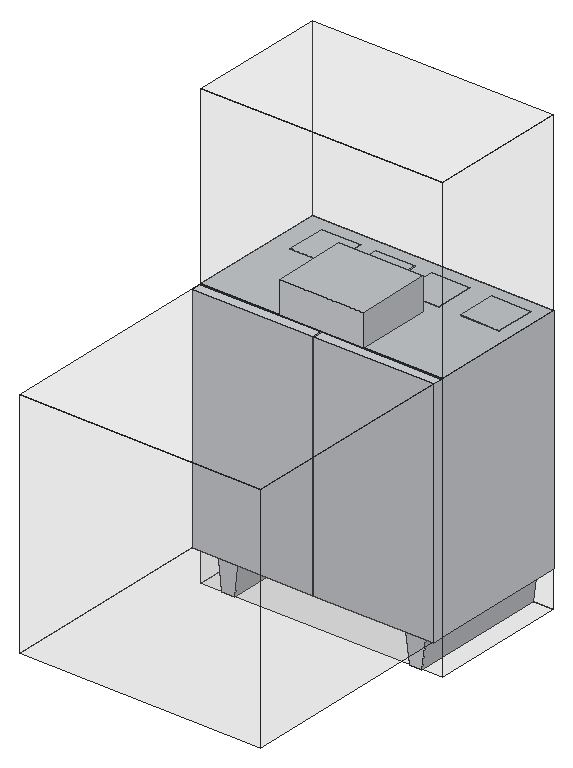
Revit family "AHU 1 _1", category Mechanické zařízení, Revit 2018
Family settings
  Kóta kulaté spojky = Použít průměr
  Typ dílu = Normální
  Číslo OmniClass = 23.75.00.00
  Nadpis OmniClass = Climate Control (HVAC)
  Založené na pracovní rovině = Ne
  Vždy vertikální = Ano
  Ořezat dutým tvarem při načtení = Ne
  Sdílené = Ne
  Bod výpočtu místnosti = Ne
Parameters (values of type "DUPLEXVENT Flexi-V DV500-V (RD5)")
  Width [instance] = 0.615 mm
  Weight [instance] = 147.00 kg
  URL = ""
  Type [instance] = "DUPLEXVENT Flexi-V DV500-V (RD5)"
  Total_SFP [instance] = 0
  Supply_outlet_hum [instance] = 90
  Supply_inlet_hum [instance] = 90
  Supply_ext_pressure [instance] = 0.0 Pa
  Supply_SFP [instance] = 0
  Source_adu_file [instance] = ""
  Recuperation_type [instance] = "Plate heat recovery exchanger"
  Recuperation_efficiency_EN308 [instance] = 0
  Project_name [instance] = ""
  Project_date [instance] = "9.3.2022"
  Power_supply_fusing [instance] = "0"
  Power_supply_cable [instance] = "0"
  Position [instance] = "AHU 1 "
  Phases_count [instance] = 1
  Panel_thickness [instance] = 0.06 mm
  Outer_surface [instance] = "RAL 9002"
  Length [instance] = 0.99 mm
  Insulation_type [instance] = "PUR"
  Insulation_thickness [instance] = 0.05 mm
  Installation_environment [instance] = ""
  Input_power_max [instance] = 340 W
  Inner_surface [instance] = "Pozink"
  I2 [instance] = I1  # 0.0 L/s
  Height [instance] = 0.95 mm
  Exhaust_outlet_hum [instance] = 0
  Exhaust_inlet_hum [instance] = 40
  Exhaust_ext_pressure [instance] = 0.0 Pa
  Exhaust_SFP [instance] = 0
  E1 [instance] = E2 - M1  # 0.0 L/s
  E2 [instance] = 0.0 L/s
  I1 [instance] = 0.0 L/s
  Description = ""
  M1 [instance] = 0.0 L/s
  Device_dutypoint_version [instance] = "1"
  Device_design_version [instance] = "9"
  Device_adu_id [instance] = "1"
  Current_max [instance] = 2.8 A
  Casing_mat [instance] = "painted zinc layer"
  Cable type [instance] = "CYKY 3Jx1,5"
Reference planes
  plane 1 "Střed (vpředu/vzadu)": y = 0
  plane 2 "ref": z = 0
  plane 3 "Střed (vlevo/vpravo)": x = 0
Forms (mm)
  Sweep 1, solid
    path origin (0, 0, 0) x (0, 0, 1) y (1, 0, 0)
      loop
        line (0, 0) -> (950, 0)
    profile origin (0, 0, 0) x (1, 0, 0) y (0, 1, 0)
      loop
        line (0, 0) -> (990, 0) -> (990, 570) -> (0, 570) -> (0, 0)
  Sweep 2, solid
    path origin (382, 440, 949) x (0, 0, 1) y (1, 0, 0)
      loop
        line (0, 0) -> (1, 0)
    profile origin (382, 440, 949) x (1, 0, 0) y (0, 1, 0)
      loop
        line (-80, -80) -> (80, -80) -> (80, 80) -> (-80, 80) -> (-80, -80)
  Sweep 3, solid
    path origin (855, 440, 949) x (0, 0, 1) y (1, 0, 0)
      loop
        line (0, 0) -> (1, 0)
    profile origin (855, 440, 949) x (1, 0, 0) y (0, 1, 0)
      loop
        line (-80, -80) -> (80, -80) -> (80, 80) -> (-80, 80) -> (-80, -80)
  Sweep 4, solid
    path origin (608, 440, 949) x (0, 0, 1) y (1, 0, 0)
      loop
        line (0, 0) -> (1, 0)
    profile origin (608, 440, 949) x (1, 0, 0) y (0, 1, 0)
      loop
        line (-80, -80) -> (80, -80) -> (80, 80) -> (-80, 80) -> (-80, -80)
  Sweep 5, solid
    path origin (157, 440, 949) x (0, 0, 1) y (1, 0, 0)
      loop
        line (0, 0) -> (1, 0)
    profile origin (157, 440, 949) x (1, 0, 0) y (0, 1, 0)
      loop
        line (-80, -80) -> (80, -80) -> (80, 80) -> (-80, 80) -> (-80, -80)
  Sweep 6, solid
    path origin (263, 52, 0) x (0, -1, 0) y (0, 0, 1)
      loop
        line (0, 0) -> (0, -30)
    profile origin (263, 52, 0) x (-1, 0, 0) y (0, -1, 0)
      loop
        circle (0, 0) r 16
  Sweep 7, solid
    path origin (727, 52, 0) x (0, -1, 0) y (0, 0, 1)
      loop
        line (0, 0) -> (0, -30)
    profile origin (727, 52, 0) x (-1, 0, 0) y (0, -1, 0)
      loop
        circle (0, 0) r 16
  Sweep 8, solid, material "Servisní prostor"
    path origin (0, 0, 0) x (0, 0, 1) y (1, 0, 0)
      loop
        line (0, 0) -> (950, 0)
    profile origin (0, 0, 0) x (1, 0, 0) y (0, 1, 0)
      loop
        line (0, -930) -> (990, -930) -> (990, 0) -> (0, 0) -> (0, -930)
  Sweep 9, solid, material "Servisní prostor"
    path origin (0, 0, 950) x (0, 0, 1) y (1, 0, 0)
      loop
        line (0, 0) -> (720, 0)
    profile origin (0, 0, 950) x (1, 0, 0) y (0, 1, 0)
      loop
        line (0, 0) -> (990, 0) -> (990, 570) -> (0, 570) -> (0, 0)
  Sweep 10, solid, material "Servisní prostor"
    path origin (0, 0, -150) x (0, 0, 1) y (1, 0, 0)
      loop
        line (0, 0) -> (150, 0)
    profile origin (0, 0, -150) x (1, 0, 0) y (0, 1, 0)
      loop
        line (0, 570) -> (0, 0) -> (990, 0) -> (990, 570) -> (0, 570)
  Sweep 11, solid
    path origin (0, 0, 0) x (0, 0, 1) y (1, 0, 0)
      loop
        line (0, 0) -> (950, 0)
    profile origin (0, 0, 0) x (1, 0, 0) y (0, 1, 0)
      loop
        line (0, -45) -> (495, -45) -> (495, -5) -> (0, -5) -> (0, -45)
  Sweep 12, solid
    path origin (0, 0, 0) x (0, 0, 1) y (1, 0, 0)
      loop
        line (0, 0) -> (950, 0)
    profile origin (0, 0, 0) x (1, 0, 0) y (0, 1, 0)
      loop
        line (495, -45) -> (990, -45) -> (990, -5) -> (495, -5) -> (495, -45)
  Sweep 13, solid
    path origin (111, 570, 0) x (1, 0, 0) y (0, 1, 0)
      loop
        line (0, 0) -> (0, -570)
    profile origin (111, 570, 0) x (1, 0, 0) y (0, 0, 1)
      loop
        line (-45, 0) -> (-25, -150) -> (25, -150) -> (45, 0) -> (-45, 0)
  Sweep 14, solid
    path origin (879, 570, 0) x (1, 0, 0) y (0, 1, 0)
      loop
        line (0, 0) -> (0, -570)
    profile origin (879, 570, 0) x (1, 0, 0) y (0, 0, 1)
      loop
        line (-45, 0) -> (-25, -150) -> (25, -150) -> (45, 0) -> (-45, 0)
  Sweep 15, solid
    path origin (0, 0, 950) x (0, 0, 1) y (1, 0, 0)
      loop
        line (0, 0) -> (130, 0)
    profile origin (0, 0, 950) x (1, 0, 0) y (0, 1, 0)
      loop
        line (322, 0) -> (667, 0) -> (667, 305) -> (322, 305) -> (322, 0)
  Sweep 16, solid
    path origin (322, 152, 1015) x (0, 0, -1) y (1, 0, 0)
      loop
        line (0, 0) -> (0, -1)
    profile origin (322, 152, 1015) x (0, 0, -1) y (0, -1, 0)
      loop
        circle (0, 0) r 10
Lines and regions (mm)
  model lines, style "Symbol"
    curve 1: line (495, -45, 950) -> (495, -45, 570)
    curve 2: line (247, -45, 950) -> (247, -45, 285)
    curve 3: line (247, -45, 285) -> (210, -45, 285)
    curve 4: line (743, -45, 950) -> (743, -45, 285)
    curve 5: line (743, -45, 285) -> (780, -45, 285)
    curve 6: line (210, -45, 285) -> (352, -45, 570)
    curve 7: line (352, -45, 570) -> (637, -45, 570)
    curve 8: line (637, -45, 570) -> (780, -45, 285)
    curve 9: line (780, -45, 285) -> (637, -45, 0)
    curve 10: line (637, -45, 0) -> (495, -45, 0)
    curve 11: line (495, -45, 0) -> (352, -45, 0)
    curve 12: line (352, -45, 0) -> (210, -45, 285)
    curve 13: line (782, -45, 677) -> (814, -45, 867)
    curve 14: line (951, -45, 677) -> (918, -45, 867)
    curve 15: line (39, -45, 677) -> (71, -45, 867)
    curve 16: line (208, -45, 677) -> (176, -45, 867)
    curve 17: line (272, -45, 760) -> (470, -45, 760)
    curve 18: line (470, -45, 760) -> (470, -45, 665)
    curve 19: line (470, -45, 665) -> (272, -45, 665)
    curve 20: line (272, -45, 665) -> (272, -45, 760)
    curve 21: line (272, -45, 713) -> (371, -45, 665)
    curve 22: line (470, -45, 713) -> (371, -45, 665)
    curve 23: line (520, -45, 760) -> (718, -45, 760)
    curve 24: line (718, -45, 760) -> (718, -45, 665)
    curve 25: line (718, -45, 665) -> (520, -45, 665)
    curve 26: line (520, -45, 665) -> (520, -45, 760)
    curve 27: line (520, -45, 713) -> (619, -45, 665)
    curve 28: line (718, -45, 713) -> (619, -45, 665)
    curve 29: line (152, -45, 321) -> (281, -45, 575)
    curve 30: line (281, -45, 575) -> (325, -45, 553)
    curve 31: line (325, -45, 553) -> (196, -45, 299)
    curve 32: line (196, -45, 299) -> (152, -45, 321)
    curve 33: line (238, -45, 479) -> (291, -45, 496)
    curve 34: line (186, -45, 378) -> (239, -45, 395)
    curve 35: line (0, -45, 0) -> (495, -45, 0)
    curve 36: line (0, -45, 950) -> (495, -45, 950)
    curve 37: line (0, -45, 0) -> (0, -45, 950)
    curve 38: line (495, -45, 0) -> (495, -45, 950)
    curve 39: line (0, -45, 0) -> (0, -5, 0)
    curve 40: line (495, -45, 0) -> (495, -5, 0)
    curve 41: line (0, -45, 950) -> (0, -5, 950)
    curve 42: line (495, -45, 950) -> (495, -5, 950)
    curve 43: line (495, -45, 0) -> (990, -45, 0)
    curve 44: line (495, -45, 950) -> (990, -45, 950)
    curve 45: line (495, -45, 0) -> (495, -45, 950)
    curve 46: line (990, -45, 0) -> (990, -45, 950)
    curve 47: line (495, -45, 0) -> (495, -5, 0)
    curve 48: line (990, -45, 0) -> (990, -5, 0)
    curve 49: line (495, -45, 950) -> (495, -5, 950)
    curve 50: line (990, -45, 950) -> (990, -5, 950)
    curve 51: circle (866, -45, 760) r 119 normal (0, -1, 0)
    curve 52: circle (124, -45, 760) r 119 normal (0, -1, 0)
    curve 53: circle (264, -45, 488) r 7 normal (0, -1, 0)
    curve 54: circle (213, -45, 386) r 7 normal (0, -1, 0)
Dimensions and locks
  aligned and locked: level to plane 2 "ref"
Connectors
  hvac at (382, 440, 950), driven by "E1"
    settings: on Sweep 2, index 1, duct flow 0.0 L/s, flow factor 0, pres drop 0.0 Pa, loss coef 0, conn angle 0.00°, conn width 160 mm, conn height 160 mm, conn diameter 609.6 mm, duct sys type 1, conn prof type 1, flow config 1, flow direction 1, loss method 0, conn ref index -1, conn util no, is conn primary yes, conn desc ""
  hvac at (855, 440, 950), driven by "E2"
    settings: on Sweep 3, index 2, duct flow 0.0 L/s, flow factor 1, pres drop 0.0 Pa, loss coef 0, conn angle 0.00°, conn width 160 mm, conn height 160 mm, conn diameter 609.6 mm, duct sys type 1, conn prof type 1, flow config 2, flow direction 2, loss method 0, conn ref index -1, conn util no, is conn primary no, conn desc ""
  hvac at (608, 440, 950), driven by "I1"
    settings: on Sweep 4, index 3, duct flow 0.0 L/s, flow factor 1, pres drop 0.0 Pa, loss coef 0, conn angle 0.00°, conn width 160 mm, conn height 160 mm, conn diameter 609.6 mm, duct sys type 3, conn prof type 1, flow config 2, flow direction 1, loss method 0, conn ref index -1, conn util no, is conn primary no, conn desc ""
  hvac at (157, 440, 950), driven by "I2"
    settings: on Sweep 5, index 4, duct flow 0.0 L/s, flow factor 0, pres drop 0.0 Pa, loss coef 0, conn angle 0.00°, conn width 160 mm, conn height 160 mm, conn diameter 609.6 mm, duct sys type 3, conn prof type 1, flow config 1, flow direction 2, loss method 0, conn ref index -1, conn util no, is conn primary no, conn desc ""
  piping at (263, 52, -30), diameter 22
    settings: on Sweep 6, index 5, connector inside diameter 609.6 mm, connector length 0 mm, flow factor 0, pipe flow 0.0 L/s, pressure drop 0.0 Pa, fitting loss kfactor 0, connector angle 0.00°, fixture units 0, engagement length 0 mm, angle of deflection 0.00°, flow configuration 1, flow direction 2, fitting loss method 0, system type 16, joint type 0, gender type 0, connector reference index -1, connector utility 0, adjustable connector no, is connector primary yes, connector description ""
  piping at (727, 52, -30), diameter 22
    settings: on Sweep 7, index 6, connector inside diameter 609.6 mm, connector length 0 mm, flow factor 0, pipe flow 0.0 L/s, pressure drop 0.0 Pa, fitting loss kfactor 0, connector angle 0.00°, fixture units 0, engagement length 0 mm, angle of deflection 0.00°, flow configuration 1, flow direction 2, fitting loss method 0, system type 16, joint type 0, gender type 0, connector reference index -1, connector utility 0, adjustable connector no, is connector primary no, connector description ""
  electrical at (321, 152, 1015)
    settings: on Sweep 16, index 7, voltage 230 V, apparent load 0 VA, apparent load phase1 0 VA, apparent load phase2 0 VA, apparent load phase3 0 VA, power factor 1, load classification "Další", number of poles 1, system type 31, power factor state 1, is connector primary yes, connector utility no, sub classification motor no, connector description ""
